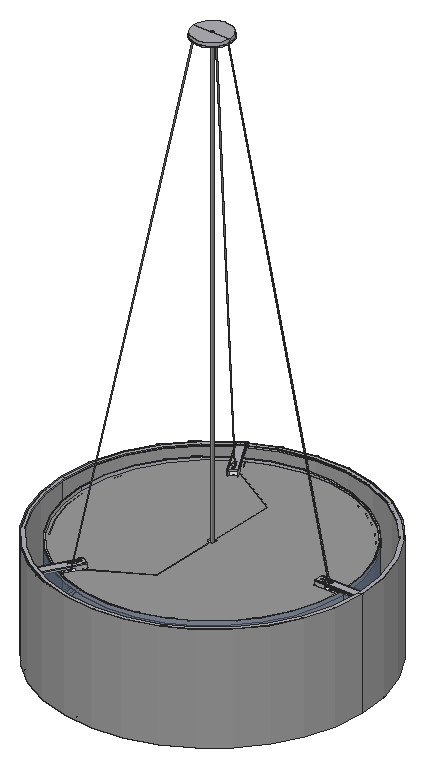
Revit family "Lighting - Lumetta - Pendant - P2048", category Lighting Fixtures, host Ceiling, Revit 2015
Parameters
  Wattage = 11.7117 W
  built-in parameter 1150110 = 1 (stored number, unit not read)
  URL = "https://lumetta.com/luminaires/shadow-drum-48-pendant/"
  Type Comments = ""
  built-in parameter 1114217 = 1 (stored number, unit not read)
  Top-Bottom Lens Radius [instance] = Fixture Inner Radius - 0' 0 5/32"  # 1' - 8 27/32"
  Top Lens-Material [instance] = Acrylic - 2447 - White
  Top Lens (Inner Core) [instance] = yes
  built-in parameter 1150109 = 1 (stored number, unit not read)
  built-in parameter 1150134 = (empty or 0)
  Suspension [instance] = 2
  built-in parameter 1150113 = 1 (stored number, unit not read)
  Stem Hung-ALL Lamping [instance] = Suspension = 3  # no
  P2048 URL [instance] = "https://lumetta.com/luminaires/shadow-drum-48-pendant/"
  Light Source Symbol Size = 0' - 1"
  Fixture-Outer Height [instance] = 1' - 5"
  Fixture Outer Radius [instance] = 2' - 0"
  Fixture Outer Drop [instance] = 6' - 0"
  Fixture Outer Diameter [instance] = 2 * Fixture Outer Radius  # 4' - 0"
  Fixture Inner Radius [instance] = 1' - 9"
  Fixture Inner Diameter [instance] = 2 * Fixture Inner Radius  # 3' - 6"
  Diffuser Outer Material [instance] = Glass, Matte
  1CRD-3CBL- LED-4 Wire [instance] = Suspension = 2  # yes
  Coupling-Stems Over 60 inches [instance] = and([Stem Hung-ALL Lamping], Fixture Outer Drop > 5' 0")  # no
  Model = "P2048"  # constant formula
  Manufacturer = "Lumetta, Inc."  # constant formula
  Lumens = 1300 lm
  built-in parameter 1150115 = 1 (stored number, unit not read)
  built-in parameter 1150105 = 103.45 (stored number, unit not read)
  built-in parameter 1150137 = (empty or 0)
  built-in parameter 1150139 = (empty or 0)
  built-in parameter 1150112 = 1 (stored number, unit not read)
  built-in parameter 1150114 = 1 (stored number, unit not read)
  built-in parameter 1150132 = 1
  built-in parameter 1150102 = (empty or 0)
  built-in parameter 1150138 = (empty or 0)
  built-in parameter 1150107 = 3000 (stored number, unit not read)
  built-in parameter 1150106 = 1.0345 (stored number, unit not read)
  Frame Finish [instance] = Paint - Lumetta - F02 - PC_Chrome
  Fixture Inner Height [instance] = 1' - 2"
  Fixture Inner-Outer Difference [instance] = 0' - 0 1/2"
  built-in parameter 1150104 = 10.312 (stored number, unit not read)
  Dimming Lamp Color Temperature Shift = (empty or 0)
  Diffuser Inner Material [instance] = Shade - Lumetta - D65 - MT_Blue
  Description = "Shadow Drum 48'' Pendant"  # constant formula
  Cord [instance] = or(Suspension = 1, Suspension = 2)  # yes
  Bottom Lens-Material [instance] = Acrylic - P95 - Etched White
  Bottom Lens (Inner Core) [instance] = yes
  3 Cables [instance] = or(Suspension = 1, Suspension = 2)  # yes
  1CRD-3CBL-STD and 2 or 3 Wire [instance] = Suspension = 1  # no
  Cord Color [instance] = Cord, Black
  Color Filter = 16777215
  built-in parameter 1114218 = 1 (stored number, unit not read)
  built-in parameter 1150133 = 10 (stored number, unit not read)
Reference planes (in)
  plane 1 "Light Source Axis (F/B)": y = 0
  plane 2 "Ceiling": z = 96
  plane 3 "Light Source Axis (L/R)": x = 0
  plane 4 "Light Source Elevation": z = 21
  plane 5 "Fixture- Inner Top": z = 23.5
  plane 6 "Fixture-Inner Radius": x = 21
  plane 7 "Fixture-Inner Height": z = 9.5
  plane 8: through (0, 0, 0) normal (-0.5, -0.866, 0)
  plane 9: y = 0
  plane 10: through (0, 0, 0) normal (0.5, -0.866, 0)
  plane 11 "Plane-120": through (-10.5, 18.18653, 0) normal (0.5, -0.866, 0)
  plane 12 "Plane-240": through (-72.85383, 17.81347, 0) normal (0.5, 0.866, 0)
  plane 13: through (0, 0, 0) normal (-0.866, -0.5, 0)
  plane 14: through (0, 0, 0) normal (0.866, -0.5, 0)
  plane 15 "Fixture-Outer Radius": x = 24
  plane 16 "Fixture- Outer Top": z = 24
  plane 17 "Fixture-Outer Height": z = 7
  plane 18: x = 1.9375
Forms (in)
  Revolve 1, solid, material "Paint - Lumetta - F02 - PC_Chrome" <- "Frame Finish", visible <- "3 Cables"
    sketch origin (0, 0, 0) x (1, 0, 0) y (0, 0, 1)
      loop
        line (0, 95.4375) -> (3, 95.4375) -> (3, 95.5) -> (2.87509, 95.5) -> (2.87509, 96) -> (0, 96) -> (0, 95.4375)
      axis (0, 96) -> (0, 95.4375)
    angle from 0 to 360
  Extrusion 2, void
    sketch origin (0, 0, 95.4375) x (0, -1, 0) y (1, 0, 0)
      loop
        circle (0, 0) r 0.25
      loop
        circle (0, 2.5) r 0.06274
      loop
        circle (-2.16506, -1.25) r 0.06274
      loop
        circle (2.16506, -1.25) r 0.06274
    from 0 to 0.06358
  Revolve 3, solid, material "Paint - Lumetta - F02 - PC_Chrome" <- "Frame Finish"
    sketch origin (0, 0, 0) x (1, 0, 0) y (0, 0, 1)
      loop
        line (21, 23.5) -> (20.875, 23.5) -> (20.875, 23.01664) -> (20.375, 23.01664) -> (20.375, 22.875) -> (21, 22.875) -> (21, 23.5)
      loop
        line (21, 10.125) -> (20.875, 10.125) -> (20.875, 9.625) -> (20.375, 9.625) -> (20.375, 9.5) -> (21, 9.5) -> (21, 10.125)
      axis (0, 23.5) -> (0, 9.5)
    angle from 0 to 360
  Revolve 4, solid, material "Shade - Lumetta - D65 - MT_Blue" <- "Diffuser Inner Material"
    sketch origin (0, 0, 0) x (1, 0, 0) y (0, 0, 1)
      loop
        line (21, 23.5) -> (21, 9.49709) -> (21.06242, 9.49709) -> (21.06242, 23.5) -> (21, 23.5)
      axis (0, 23.5) -> (0, 9.49709)
    angle from 0 to 360
  Extrusion 5, solid, material "Paint - Lumetta - F02 - PC_Chrome" <- "Frame Finish", visible <- "Stem Hung-ALL Lamping"
    sketch origin (0, 0, 23.5) x (0, -1, 0) y (-1, 0, 0)
      loop
        circle (0, 0) r 0.25
    from 0.625 to -72.5
  Revolve 6, solid, material "Paint - Lumetta - F02 - PC_Chrome" <- "Frame Finish", visible <- "Coupling-Stems Over 60 inches"
    sketch origin (0, 0, 0) x (1, 0, 0) y (0, 0, 1)
      loop
        line (0, 84.03023) -> (0, 83.5) -> (0.26233, 83.5)
        arc (0.26233, 83.5) -> (0.31307, 83.55074) -> (0.26233, 83.60149) r 0.05074
        arc (0.26233, 83.60149) -> (0.29304, 83.76499) -> (0.26243, 83.92851) r 0.45126
        arc (0.26243, 83.92851) -> (0.31329, 83.97937) -> (0.26243, 84.03023) r 0.05086
        line (0.26243, 84.03023) -> (0, 84.03023)
      axis (0, 84.03023) -> (0, 83.5)
    angle from 0 to 360
  Revolve 7, solid, material "Paint - Lumetta - F02 - PC_Chrome" <- "Frame Finish", visible <- "Stem Hung-ALL Lamping"
    sketch origin (0, 0, 0) x (1, 0, 0) y (0, 0, 1)
      loop
        line (0, 96) -> (0, 93.40625) -> (0.34988, 93.40625)
        arc (0.34988, 93.40625) -> (0.49124, 93.54417) -> (0.58115, 93.72) r 0.61026
        line (0.58115, 93.72) -> (3, 93.72) -> (3, 93.78) -> (2.875, 93.78) -> (2.875, 96) -> (0, 96)
      axis (0, 96) -> (0, 93.40625)
    angle from 0 to 360
  Extrusion 8, solid, material "Cord, Black" <- "Cord Color", visible <- "Cord"
    sketch origin (0, 0, 23.5) x (0, -1, 0) y (1, 0, 0)
      loop
        circle (0, 0) r 0.15674
    from -0.56254 to 72.5
  Extrusion 9, solid, material "Paint - Lumetta - F02 - PC_Chrome" <- "Frame Finish"
    sketch origin (0, 0, 23.5) x (0, -1, 0) y (1, 0, 0)
      loop
        line (-1, 20.85103) -> (-1, 19.25) -> (1, 19.25) -> (1, 20.85103)
        arc (1, 20.85103) -> (0, 20.875) -> (-1, 20.85103) r 20.875
      loop
        circle (0, 19.75) r 0.11051
      loop
        line (-17.55753, -11.29154) -> (-16.17099, -10.49103) -> (-17.17099, -8.75897) -> (-18.55753, -9.55949)
        arc (-18.55753, -9.55949) -> (-18.07828, -10.4375) -> (-17.55753, -11.29154) r 20.875
      loop
        circle (-17.104, -9.875) r 0.11051
      loop
        line (18.55753, -9.55949) -> (17.17099, -8.75897) -> (16.17099, -10.49103) -> (17.55753, -11.29154)
        arc (17.55753, -11.29154) -> (18.07828, -10.4375) -> (18.55753, -9.55949) r 20.875
      loop
        circle (17.104, -9.875) r 0.11051
    from -0.625 to -0.68551
  Extrusion 10, solid, material "Paint - Lumetta - F11 - PC_White"
    sketch origin (0, 0, 23.5) x (0, -1, 0) y (1, 0, 0)
      loop
        circle (0, 19.75) r 0.11051
      loop
        line (-0.89333, 20.23292) -> (-0.89333, 18.82771) -> (-16.75194, -8.64021) -> (-17.96889, -9.34281) -> (-17.07556, -10.89011) -> (-15.85861, -10.1875) -> (15.85861, -10.1875) -> (17.07556, -10.89011) -> (17.96889, -9.34281) -> (16.75194, -8.64021) -> (0.89333, 18.82771) -> (0.89333, 20.23292) -> (-0.89333, 20.23292)
      loop
        circle (0, 18.875) r 0.15796
      loop
        line (14.23361, -8.8125) -> (14.74866, -7.92042) -> (0.51504, 16.73292) -> (-0.51504, 16.73292) -> (-14.74866, -7.92042) -> (-14.23361, -8.8125) -> (14.23361, -8.8125)
      loop
        circle (0, 17.5) r 0.11051
      loop
        circle (-17.104, -9.875) r 0.11051
      loop
        circle (-16.34623, -9.4375) r 0.15796
      loop
        circle (-15.15544, -8.75) r 0.11051
      loop
        circle (17.104, -9.875) r 0.11051
      loop
        circle (16.34623, -9.4375) r 0.15796
      loop
        circle (15.15544, -8.75) r 0.11051
    from -0.77028 to -0.68551
  Sweep 11, solid, material "Steel, Galvanized", visible <- "3 Cables"
    path origin (0, 0, 0) x (1, 0, 0) y (0, 0, 1)
      loop
        line (2.5, 95.50108) -> (18.875, 22.81449)
    profile origin (10.6875, 0, 59.15779) x (0.975551, 0, 0.219774) y (0, -1, 0)
      loop
        circle (0, 0) r 0.03083
  Extrusion 12, solid, material "Acrylic - P95 - Etched White" <- "Bottom Lens-Material", visible <- "Bottom Lens (Inner Core)"
    sketch origin (0, 0, 9.5) x (0, -1, 0) y (1, 0, 0)
      loop
        circle (0, 0) r 20.84375
    from 0.125 to 0.1875
  Extrusion 13, solid, material "Paint - Lumetta - F11 - PC_White"
    sketch origin (0, 0, 23.5) x (0, -1, 0) y (1, 0, 0)
      loop
        line (-10.89749, -1.25) -> (10.89749, -1.25) -> (9.45411, 1.25) -> (-9.45411, 1.25) -> (-10.89749, -1.25)
      loop
        circle (0, 0) r 0.28281
    from -0.625 to -0.68551
  Revolve 14, solid, material "Paint - Lumetta - F02 - PC_Chrome" <- "Frame Finish"
    sketch origin (0, 0, 0) x (1, 0, 0) y (0, 0, 1)
      loop
        line (24, 24) -> (23.375, 24) -> (23.375, 23.875) -> (23.875, 23.875) -> (23.875, 23.375) -> (24, 23.375) -> (24, 24)
      loop
        line (24, 7) -> (24, 7.625) -> (23.875, 7.625) -> (23.875, 7.125) -> (23.375, 7.125) -> (23.375, 7) -> (24, 7)
      axis (0, 24) -> (0, 7)
    angle from 0 to 360
  Revolve 15, solid, material "Glass, Matte" <- "Diffuser Outer Material"
    sketch origin (0, 0, 0) x (1, 0, 0) y (0, 0, 1)
      loop
        line (24, 24) -> (24, 7) -> (24.03313, 7) -> (24.03313, 24) -> (24, 24)
      axis (0, 7) -> (0, 24)
    angle from 0 to 360
  Extrusion 16, solid, material "Paint - Lumetta - F02 - PC_Chrome" <- "Frame Finish"
    sketch origin (0, 0, 24) x (-1, 0, 0) y (0, -1, 0)
      loop
        line (-17, -0.6875) -> (-17, 0.6875) -> (-23.875, 0.6875) -> (-23.875, -0.6875) -> (-17, -0.6875)
      loop
        circle (-17.5, 0) r 0.125
      loop
        arc (-19.05013, 0.21293) -> (-19.21875, 0.0014) -> (-19.05284, -0.21227) r 0.21875
        line (-19.05284, -0.21227) -> (-18.33953, -0.38023)
        arc (-18.33953, -0.38023) -> (-17.85938, 0.00032) -> (-18.34015, 0.38008) r 0.39063
        line (-18.34015, 0.38008) -> (-19.05013, 0.21293)
      loop
        line (9.09539, -14.37868) -> (7.90461, -15.06618) -> (11.34211, -21.02011) -> (12.53289, -20.33261) -> (9.09539, -14.37868)
      loop
        circle (8.75, -15.15544) r 0.125
      loop
        arc (9.34066, -16.60436) -> (9.60816, -16.64462) -> (9.71025, -16.39411) r 0.21875
        line (9.71025, -16.39411) -> (9.49905, -15.69238)
        arc (9.49905, -15.69238) -> (8.92941, -15.46683) -> (8.84092, -16.07308) r 0.39063
        line (8.84092, -16.07308) -> (9.34066, -16.60436)
      loop
        line (7.90461, 15.06618) -> (9.09539, 14.37868) -> (12.53289, 20.33261) -> (11.34211, 21.02011) -> (7.90461, 15.06618)
      loop
        circle (8.75, 15.15544) r 0.125
      loop
        arc (9.70947, 16.39143) -> (9.61058, 16.64322) -> (9.34259, 16.60638) r 0.21875
        line (9.34259, 16.60638) -> (8.84048, 16.07261)
        arc (8.84048, 16.07261) -> (8.92997, 15.46651) -> (9.49923, 15.693) r 0.39063
        line (9.49923, 15.693) -> (9.70947, 16.39143)
    from -0.19992 to -0.125
  Sweep 17, solid, material "Steel, Galvanized", visible <- "3 Cables"
    path origin (0, 0, 0) x (-0.5, 0.866025, 0) y (0, 0, 1)
      loop
        line (2.5, 95.50108) -> (18.875, 22.81449)
    profile origin (-5.34375, 9.25565, 59.15779) x (-0.487775, 0.844852, 0.219774) y (0.866025, 0.5, 0)
      loop
        circle (0, 0) r 0.03083
  Sweep 18, solid, material "Steel, Galvanized", visible <- "3 Cables"
    path origin (0, 0, 0) x (-0.5, -0.866025, 0) y (0, 0, 1)
      loop
        line (2.5, 95.50108) -> (18.875, 22.81449)
    profile origin (-5.34375, -9.25565, 59.15779) x (-0.487775, -0.844852, 0.219774) y (-0.866025, 0.5, 0)
      loop
        circle (0, 0) r 0.03083
  Revolve 19, solid, material "Paint - Lumetta - F02 - PC_Chrome" <- "Frame Finish", visible <- "Stem Hung-ALL Lamping"
    sketch origin (0, 0, 0) x (1, 0, 0) y (0, 0, 1)
      loop
        arc (1.9375, 93.33818) -> (2.13408, 93.49233) -> (2.03125, 93.72) r 0.20242
        line (2.03125, 93.72) -> (1.9375, 93.72) -> (1.9375, 93.33818)
      axis (1.9375, 93.72) -> (1.9375, 93.33818)
    angle from 0 to 360
  Revolve 20, solid, material "Paint - Lumetta - F02 - PC_Chrome" <- "Frame Finish", visible <- "Stem Hung-ALL Lamping"
    sketch origin (0, 0, 0) x (-1, 0, 0) y (0, 0, 1)
      loop
        arc (1.9375, 93.33818) -> (2.13408, 93.49233) -> (2.03125, 93.72) r 0.20242
        line (2.03125, 93.72) -> (1.9375, 93.72) -> (1.9375, 93.33818)
      axis (1.9375, 93.72) -> (1.9375, 93.33818)
    angle from 0 to 360
  Revolve 21, solid, material "Paint - Lumetta - F02 - PC_Chrome" <- "Frame Finish", visible <- "1CRD-3CBL- LED-4 Wire"
    sketch origin (0, 0, 1.7175) x (1, 0, 0) y (0, 0, 1)
      loop
        arc (1.9375, 93.33818) -> (2.13408, 93.49233) -> (2.03125, 93.72) r 0.20242
        line (2.03125, 93.72) -> (1.9375, 93.72) -> (1.9375, 93.33818)
      axis (1.9375, 93.72) -> (1.9375, 93.33818)
    angle from 0 to 360
  Revolve 22, solid, material "Paint - Lumetta - F02 - PC_Chrome" <- "Frame Finish", visible <- "1CRD-3CBL- LED-4 Wire"
    sketch origin (0, 0, 1.7175) x (-1, 0, 0) y (0, 0, 1)
      loop
        arc (1.9375, 93.33818) -> (2.13408, 93.49233) -> (2.03125, 93.72) r 0.20242
        line (2.03125, 93.72) -> (1.9375, 93.72) -> (1.9375, 93.33818)
      axis (1.9375, 93.72) -> (1.9375, 93.33818)
    angle from 0 to 360
  Revolve 23, solid, material "Paint - Lumetta - F02 - PC_Chrome" <- "Frame Finish", visible <- "1CRD-3CBL- LED-4 Wire"
    sketch origin (0, 0, 0) x (1, 0, 0) y (0, 0, 1)
      loop
        line (0, 95.4375) -> (0, 95.31123) -> (0.375, 95.31123) -> (0.375, 95.4375) -> (0, 95.4375)
      axis (0, 95.4375) -> (0, 95.31123)
    angle from 0 to 360
  Revolve 24, solid, material "Paint - Lumetta - F02 - PC_Chrome" <- "Frame Finish", visible <- "1CRD-3CBL-STD and 2 or 3 Wire"
    sketch origin (0, 0, 0) x (1, 0, 0) y (0, 0, 1)
      loop
        line (0, 95.4375) -> (0, 94.9375) -> (0.28309, 94.9375) -> (0.375, 95.4375) -> (0, 95.4375)
      axis (0, 95.4375) -> (0, 94.9375)
    angle from 0 to 360
  Extrusion 25, solid, material "Acrylic - 2447 - White" <- "Top Lens-Material", visible <- "Top Lens (Inner Core)"
    sketch origin (0, 0, 23.5) x (0, -1, 0) y (1, 0, 0)
      loop
        line (-18.41453, -9.76561) -> (-15.81274, -8.26346) -> (-11.00574, 0.0625) -> (-0.55932, 0.0625)
        arc (-0.55932, 0.0625) -> (0, 0.56281) -> (0.55932, 0.0625) r 0.56281
        line (0.55932, 0.0625) -> (11.00574, 0.0625) -> (15.81274, -8.26346) -> (18.41453, -9.76561)
        arc (18.41453, -9.76561) -> (18.05122, 10.42187) -> (0.75, 20.83025) r 20.84375
        line (0.75, 20.83025) -> (0.75, 16.90625) -> (-0.75, 16.90625) -> (-0.75, 20.83025)
        arc (-0.75, 20.83025) -> (-18.05122, 10.42188) -> (-18.41453, -9.76561) r 20.84375
      loop
        line (-15.01624, -7.80361) -> (-14.26624, -9.10264) -> (-17.66453, -11.06465)
        arc (-17.66453, -11.06465) -> (0, -20.84375) -> (17.66453, -11.06465) r 20.84375
        line (17.66453, -11.06465) -> (14.26624, -9.10264) -> (15.01624, -7.80361) -> (15.59623, -8.13846) -> (10.93357, -0.0625) -> (0.55932, -0.0625)
        arc (0.55932, -0.0625) -> (0, -0.56281) -> (-0.55932, -0.0625) r 0.56281
        line (-0.55932, -0.0625) -> (-10.93357, -0.0625) -> (-15.59623, -8.13846) -> (-15.01624, -7.80361)
    from -0.48336 to -0.3533
  Extrusion 26, solid, material "Paint - Lumetta - F02 - PC_Chrome" <- "Frame Finish"
    sketch origin (0, 0, 23.5) x (0, -1, 0) y (1, 0, 0)
      loop
        line (-0.6875, 17) -> (-0.625, 17) -> (-0.625, 23.86737) -> (-0.6875, 23.86737) -> (-0.6875, 17)
      loop
        line (0.6875, 17) -> (0.6875, 23.86737) -> (0.625, 23.86737) -> (0.625, 17) -> (0.6875, 17)
      loop
        line (-14.37868, -9.09539) -> (-14.40993, -9.04127) -> (-20.35725, -12.47495) -> (-20.326, -12.52908) -> (-14.37868, -9.09539)
      loop
        line (-15.06618, -7.90461) -> (-21.0135, -11.33829) -> (-20.98225, -11.39242) -> (-15.03493, -7.95873) -> (-15.06618, -7.90461)
      loop
        line (15.06618, -7.90461) -> (15.03493, -7.95873) -> (20.98225, -11.39242) -> (21.0135, -11.33829) -> (15.06618, -7.90461)
      loop
        line (14.37868, -9.09539) -> (20.326, -12.52908) -> (20.35725, -12.47495) -> (14.40993, -9.04127) -> (14.37868, -9.09539)
    from 0 to 0.375
  Extrusion 27, solid, material "Paint - Lumetta - F02 - PC_Chrome" <- "Frame Finish"
    sketch origin (0, 0, 23.5) x (0, -1, 0) y (1, 0, 0)
      loop
        line (-0.6875, 17) -> (-0.625, 17) -> (-0.625, 18.5) -> (-0.6875, 18.5) -> (-0.6875, 17)
      loop
        line (0.6875, 17) -> (0.6875, 18.5) -> (0.625, 18.5) -> (0.625, 17) -> (0.6875, 17)
      loop
        line (-14.37868, -9.09539) -> (-14.40993, -9.04127) -> (-15.70897, -9.79127) -> (-15.67772, -9.84539) -> (-14.37868, -9.09539)
      loop
        line (-15.06618, -7.90461) -> (-16.36522, -8.65461) -> (-16.33397, -8.70873) -> (-15.03493, -7.95873) -> (-15.06618, -7.90461)
      loop
        line (15.06618, -7.90461) -> (15.03493, -7.95873) -> (16.33397, -8.70873) -> (16.36522, -8.65461) -> (15.06618, -7.90461)
      loop
        line (14.37868, -9.09539) -> (15.67772, -9.84539) -> (15.70897, -9.79127) -> (14.40993, -9.04127) -> (14.37868, -9.09539)
    from -0.625 to 0
Cuts and joins
  joined: Extrusion 26, Extrusion 27
Dimensions and locks (in)
  equal spacing: host sketch curve, plane 3 "Light Source Axis (L/R)", host sketch curve
  equal spacing: host sketch curve, plane 1 "Light Source Axis (F/B)", host sketch curve
  host sketch curve to host sketch curve = 10' - 0"  (x2)
  locked: plane 5 "Fixture- Inner Top" to plane 4 "Light Source Elevation" at 2.5
  "Fixture Inner Radius": plane 6 "Fixture-Inner Radius" to plane 3 "Light Source Axis (L/R)"
  "Fixture Inner Height": plane 5 "Fixture- Inner Top" to plane 7 "Fixture-Inner Height"
  locked: Revolve 1 sketch curve to plane 3 "Light Source Axis (L/R)" at 2.87509
  locked: Revolve 1 sketch curve to plane 3 "Light Source Axis (L/R)" at 3
  locked: Extrusion 2 sketch curve to Extrusion 2 sketch curve at 2.5
  plane 6 "Fixture-Inner Radius" to Revolve 3 sketch curve = 0' - 0 1/8"  (x2)
  locked: Revolve 4 sketch curve to plane 6 "Fixture-Inner Radius" at 0.06242
  Revolve 3 to Revolve 4 = 0' - 0.12791"
  locked: Extrusion 5 sketch curve to imposter light
  locked: Extrusion 5 sketch curve to imposter light at 0
  Revolve 6 sketch curve to Revolve 6 sketch curve = 0' - 0.15822"
  locked: Revolve 6 sketch curve to Revolve 4 at 60
  locked: Revolve 6 sketch curve to Revolve 6 sketch curve at 0.53023
  locked: Revolve 6 sketch curve to Revolve 6 sketch curve at 0.26243
  locked: Revolve 6 sketch curve to Revolve 6 sketch curve at 0.26233
  locked: Revolve 6 sketch curve to Revolve 6 sketch curve at 0.05074
  locked: Revolve 6 sketch curve to Revolve 6 sketch curve at 0.47937
  locked: Revolve 6 sketch curve to Revolve 6 sketch curve at 0.26512
  locked: Revolve 7 sketch curve to Revolve 7 sketch curve at 2.875
  locked: Revolve 7 sketch curve to Revolve 7 sketch curve at 0.31375
  plane 5 "Fixture- Inner Top" to Revolve 3 sketch curve = 0' - 0 5/8"
  Revolve 3 sketch curve to Revolve 3 sketch curve = 0' - 0.14164"
  Revolve 3 sketch curve to plane 7 "Fixture-Inner Height" = 0' - 0 5/8"
  plane 6 "Fixture-Inner Radius" to Revolve 3 sketch curve = 0' - 0 5/8"
  locked: Revolve 1 sketch curve to Revolve 1 sketch curve at 0.0625
  locked: host ceiling to Revolve 1 sketch curve at 0.5625
  locked: Revolve 1 sketch curve to Revolve 1 sketch curve at 0.5625
  locked: Revolve 1 sketch curve to Revolve 1 sketch curve at 3
  Revolve 1 sketch curve to Revolve 1 sketch curve = 0' - 2.87509"
  Extrusion 9 sketch curve to plane 6 "Fixture-Inner Radius" = 0' - 1 3/4"
  Extrusion 10 sketch curve to plane 6 "Fixture-Inner Radius" = 0' - 1 1/4"
  "Fixture Inner Radius": plane 10 to plane 11 "Plane-120"
  "Fixture Inner Radius": plane 12 "Plane-240" to plane 8
  locked: plane 10 to Extrusion 2 sketch curve at 2.5
  locked: Extrusion 2 sketch curve to plane 8 at 2.5
  Extrusion 10 sketch curve to Extrusion 10 sketch curve = 0' - 1 3/8"
  locked: Extrusion 10 sketch curve to Extrusion 10 sketch curve at 1.375  (x6)
  locked: Extrusion 12 to plane 7 "Fixture-Inner Height" at 0.1875
  plane 3 "Light Source Axis (L/R)" to Extrusion 13 sketch curve = 0' - 1 1/4"
  Extrusion 13 sketch curve to plane 3 "Light Source Axis (L/R)" = 0' - 1 1/4"
  locked: Extrusion 13 sketch curve to Extrusion 10 at 1.375
  "Fixture Outer Radius": plane 15 "Fixture-Outer Radius" to plane 3 "Light Source Axis (L/R)"
  "Fixture Outer Drop": plane 2 "Ceiling" to plane 16 "Fixture- Outer Top"
  "Fixture Inner-Outer Difference": plane 16 "Fixture- Outer Top" to plane 5 "Fixture- Inner Top"
  "Fixture-Outer Height": plane 16 "Fixture- Outer Top" to plane 17 "Fixture-Outer Height"
  locked: Revolve 14 sketch curve to plane 17 "Fixture-Outer Height" at 0
  locked: Revolve 14 sketch curve to plane 15 "Fixture-Outer Radius" at 0  (x2)
  locked: Revolve 14 sketch curve to Revolve 14 sketch curve at 0.125  (x4)
  locked: plane 15 "Fixture-Outer Radius" to Revolve 14 sketch curve at 0.625
  locked: Revolve 15 sketch curve to plane 15 "Fixture-Outer Radius" at 0
  locked: plane 15 "Fixture-Outer Radius" to Revolve 15 sketch curve at 0.03313
  locked: Revolve 15 sketch curve to plane 16 "Fixture- Outer Top" at 0
  locked: Revolve 15 sketch curve to plane 17 "Fixture-Outer Height" at 0
  locked: Revolve 14 sketch curve to Revolve 15 at 0.625
  locked: Revolve 3 to Extrusion 10 at 0.06051
  locked: Revolve 15 to plane 16 "Fixture- Outer Top" at 0
  locked: Revolve 14 sketch curve to Revolve 14 sketch curve at 0.625  (x2)
  locked: Extrusion 10 to Extrusion 10 at 0.08477
  locked: Extrusion 16 sketch curve to Extrusion 16 sketch curve at 1.375  (x3)
  equal spacing: Extrusion 16 sketch curve, plane 9, Extrusion 16 sketch curve, locked at 0.6875 each
  Extrusion 16 sketch curve to plane 15 "Fixture-Outer Radius" = 0' - 0 1/8"
  Extrusion 16 sketch curve to Extrusion 16 sketch curve = 0' - 6 7/8"
  Extrusion 16 sketch curve to plane 9 = 0' - 0"
  Extrusion 16 sketch curve to Extrusion 16 sketch curve = 0' - 0 1/2"
  locked: Extrusion 10 sketch curve to plane 6 "Fixture-Inner Radius" at 1.25
  locked: Extrusion 10 sketch curve to Extrusion 10 sketch curve at 0.875  (x3)
  equal spacing: Extrusion 10 sketch curve, plane 9, Extrusion 10 sketch curve
  locked: plane 8 to Extrusion 10 sketch curve at 10.1875
  locked: Extrusion 10 sketch curve to plane 3 "Light Source Axis (L/R)" at 10.1875
  locked: plane 10 to Extrusion 10 sketch curve at 10.1875
  Extrusion 10 sketch curve to Extrusion 10 sketch curve = 0' - 1.78666"  (x2)
  locked: Extrusion 10 to Extrusion 13 sketch curve at 1.375
  Sweep 11 sketch curve to plane 3 "Light Source Axis (L/R)" = 0' - 2 1/2"
  Sweep 11 sketch curve to plane 3 "Light Source Axis (L/R)" = 1' - 6 7/8"
  locked: Sweep 11 sketch curve to Extrusion 10
  locked: Extrusion 16 sketch curve to Extrusion 16 sketch curve at 0.75  (x3)
  equal spacing: Extrusion 9 sketch curve, plane 9, Extrusion 9 sketch curve
  locked: Extrusion 9 sketch curve to plane 6 "Fixture-Inner Radius" at 1.75
  locked: Extrusion 9 sketch curve to Extrusion 9 sketch curve at 0.5  (x3)
  locked: plane 3 "Light Source Axis (L/R)" to Extrusion 9 sketch curve
  Extrusion 9 sketch curve to Extrusion 9 sketch curve = 0' - 2"
  Extrusion 16 sketch curve to Extrusion 16 sketch curve = 0' - 1 3/8"
  locked: plane 16 "Fixture- Outer Top" to Extrusion 16 at 0.19992
  Revolve 7 to Revolve 19 sketch curve = 0' - 0"
  locked: Revolve 1 to Revolve 24 sketch curve at 0.5
  locked: Revolve 24 sketch curve to Revolve 24 sketch curve at 0.27843
  locked: Revolve 24 sketch curve to plane 3 "Light Source Axis (L/R)" at 0.375
  locked: Extrusion 25 to Revolve 3 at 0.13007
  Extrusion 25 sketch curve to Extrusion 25 sketch curve = 0' - 1 1/2"  (x2)
  Extrusion 25 sketch curve to plane 9 = 0' - 0 3/4"
  equal spacing: Extrusion 25 sketch curve, plane 9, Extrusion 25 sketch curve
  locked: plane 11 "Plane-120" to Extrusion 25 sketch curve at 4.09375
  locked: plane 12 "Plane-240" to Extrusion 25 sketch curve at 4.09375
  locked: Extrusion 25 sketch curve to plane 6 "Fixture-Inner Radius" at 4.09375
  locked: Extrusion 10 sketch curve to Extrusion 10 sketch curve at 3.5  (x3)
  locked: Extrusion 10 sketch curve to plane 12 "Plane-240" at 0.76708
  locked: Extrusion 10 sketch curve to plane 11 "Plane-120" at 0.76708
  locked: Extrusion 26 to plane 5 "Fixture- Inner Top" at 0.375
  locked: Extrusion 16 to Extrusion 26 sketch curve  (x3)
  locked: Extrusion 16 to Extrusion 26 sketch curve at 0.00763  (x4)
  locked: Extrusion 26 sketch curve to Extrusion 16 at 0.00763  (x2)
  locked: Extrusion 16 to Extrusion 26 sketch curve at 0  (x3)
  locked: Extrusion 16 to Extrusion 26
  locked: Extrusion 26 to plane 6 "Fixture-Inner Radius" at 4  (x2)
  Extrusion 26 to Extrusion 27 sketch curve = 0' - 1 1/2"
  locked: Extrusion 26 to Extrusion 27 sketch curve at 1.5
  Extrusion 25 sketch curve to Extrusion 10 = 0' - 0 5/8"  (x2)
  Extrusion 10 to Extrusion 25 sketch curve = 0' - 0 5/8"  (x2)
  locked: Extrusion 25 sketch curve to Extrusion 13 at 1.1875
  locked: Extrusion 13 to Extrusion 25 sketch curve at 1.1875
  "Top-Bottom Lens Radius": radius of Extrusion 12 sketch curve
  "Top-Bottom Lens Radius": radius of Extrusion 25 sketch curve
  aligned and locked: plane 3 "Light Source Axis (L/R)" to imposter light
  aligned and locked: plane 1 "Light Source Axis (F/B)" to imposter light
  aligned and locked: plane 4 "Light Source Elevation" to imposter light
  aligned and locked: Revolve 4 sketch curve to plane 3 "Light Source Axis (L/R)"
  aligned and locked: Revolve 6 sketch curve to Revolve 6 sketch curve  (x2)
  aligned and locked: host ceiling to Extrusion 5
  aligned and locked: Extrusion 10 to Extrusion 9
  aligned and locked: host ceiling to Extrusion 8
  aligned and locked: Extrusion 5 to Extrusion 13
  aligned and locked: Revolve 14 sketch curve to plane 3 "Light Source Axis (L/R)"
  aligned and locked: Revolve 15 sketch curve to plane 3 "Light Source Axis (L/R)"
  aligned and locked: Extrusion 16 to Revolve 14
  aligned and locked: Revolve 19 sketch curve to plane 18
  aligned and locked: Extrusion 25 to Revolve 3
  aligned and locked: Extrusion 13 to Extrusion 10
  aligned and locked: Revolve 3 to Extrusion 13
  aligned and locked: plane 5 "Fixture- Inner Top" to Extrusion 26
  aligned and locked: Extrusion 27 to Revolve 3
  aligned and locked: Extrusion 27 to plane 5 "Fixture- Inner Top"
Automatic sketch dimensions
  Revolve 1 sketch curve to plane 3 "Light Source Axis (L/R)" = 0' - 0"
  Revolve 1 sketch curve to Revolve 1 sketch curve = 0' - 0"
  Revolve 1 sketch curve to Revolve 1 sketch curve = 0' - 9 3/4"
  Extrusion 2 sketch curve to Revolve 1 = 0' - 0"
  Revolve 1 to Extrusion 2 sketch curve = 0' - 2.16506"
  Extrusion 2 sketch curve to Revolve 1 = 0' - 2.16506"
  plane 3 "Light Source Axis (L/R)" to Revolve 3 sketch curve = 0' - 0"
  Revolve 3 sketch curve to plane 7 "Fixture-Inner Height" = 0' - 0"
  Revolve 3 sketch curve to plane 6 "Fixture-Inner Radius" = 0' - 0"  (x2)
  Revolve 3 sketch curve to plane 5 "Fixture- Inner Top" = 0' - 0"
  Revolve 3 sketch curve to plane 7 "Fixture-Inner Height" = 0' - 0 1/8"
  Revolve 3 sketch curve to Revolve 3 sketch curve = 0' - 0 1/2"
  Revolve 3 sketch curve to level = 0' - 10"
  Revolve 3 sketch curve to plane 2 "Ceiling" = 0' - 1"
  Revolve 4 sketch curve to plane 6 "Fixture-Inner Radius" = 0' - 0"
  Revolve 4 sketch curve to plane 5 "Fixture- Inner Top" = 0' - 0"
  plane 7 "Fixture-Inner Height" to Revolve 4 sketch curve = 0' - 0.00291"
  plane 7 "Fixture-Inner Height" to Revolve 4 sketch curve = 0' - 1 1/4"
  plane 16 "Fixture- Outer Top" to Revolve 4 sketch curve = 0' - 1 3/4"
  Revolve 6 sketch curve to plane 3 "Light Source Axis (L/R)" = 0' - 0"
  Revolve 6 sketch curve to Revolve 6 sketch curve = 0' - 11.34317"
  Revolve 7 sketch curve to plane 3 "Light Source Axis (L/R)" = 0' - 0"  (x3)
  Revolve 7 sketch curve to plane 2 "Ceiling" = 0' - 0"
  plane 3 "Light Source Axis (L/R)" to Revolve 7 sketch curve = 0' - 0.34988"
  Revolve 7 sketch curve to Revolve 7 sketch curve = 0' - 0.23126"
  Revolve 7 sketch curve to Revolve 7 sketch curve = 0' - 0 1/8"
  Revolve 7 sketch curve to plane 2 "Ceiling" = 0' - 2 3/32"
  Revolve 7 sketch curve to Revolve 7 sketch curve = 0' - 0.06"
  plane 2 "Ceiling" to Revolve 7 sketch curve = 0' - 1 3/4"
  Revolve 7 sketch curve to Revolve 7 sketch curve = 0' - 2 1/2"
  plane 1 "Light Source Axis (F/B)" to Extrusion 8 sketch curve = 0' - 0"
  Extrusion 8 sketch curve to plane 3 "Light Source Axis (L/R)" = 0' - 0"
  Extrusion 9 sketch curve to Extrusion 9 sketch curve = 0' - 0"  (x5)
  Extrusion 9 sketch curve to plane 13 = 0' - 0"
  plane 1 "Light Source Axis (F/B)" to Extrusion 9 sketch curve = 0' - 0"  (x2)
  Extrusion 9 sketch curve to plane 14 = 0' - 0"
  Extrusion 9 sketch curve to plane 6 "Fixture-Inner Radius" = 0' - 0.14897"
  Extrusion 9 sketch curve to plane 1 "Light Source Axis (F/B)" = 0' - 1"
  Extrusion 9 sketch curve to plane 1 "Light Source Axis (F/B)" = 1' - 4.17099"
  Extrusion 9 sketch curve to Extrusion 9 sketch curve = 0' - 0.93301"  (x2)
  Extrusion 9 sketch curve to plane 3 "Light Source Axis (L/R)" = 0' - 8.75897"  (x2)
  Extrusion 9 sketch curve to Extrusion 9 sketch curve = 0' - 0.06699"  (x2)
  Extrusion 9 sketch curve to plane 3 "Light Source Axis (L/R)" = 0' - 11.29154"  (x2)
  plane 1 "Light Source Axis (F/B)" to Extrusion 9 sketch curve = 1' - 4.17099"
  Extrusion 10 sketch curve to plane 13 = 0' - 0"  (x3)
  plane 1 "Light Source Axis (F/B)" to Extrusion 10 sketch curve = 0' - 0"  (x3)
  Extrusion 10 sketch curve to plane 14 = 0' - 0"  (x3)
  Extrusion 10 sketch curve to plane 1 "Light Source Axis (F/B)" = 0' - 0.51504"
  Extrusion 10 sketch curve to plane 1 "Light Source Axis (F/B)" = 0' - 0.89333"
  Extrusion 10 sketch curve to Extrusion 10 sketch curve = 0' - 0.40679"
  Extrusion 10 sketch curve to plane 3 "Light Source Axis (L/R)" = 0' - 8.64021"  (x2)
  Extrusion 10 sketch curve to Extrusion 10 sketch curve = 0' - 0.02844"  (x2)
  Extrusion 10 sketch curve to Extrusion 10 sketch curve = 0' - 0.48762"
  Sweep 11 sketch curve to plane 2 "Ceiling" = 0' - 0.49892"
  Sweep 11 sketch curve to plane 1 "Light Source Axis (F/B)" = 0' - 0"
  Sweep 11 sketch curve to profile plane = 0' - 0"
  plane 1 "Light Source Axis (F/B)" to Extrusion 12 sketch curve = 0' - 0"
  Extrusion 12 sketch curve to plane 3 "Light Source Axis (L/R)" = 0' - 0"
  plane 1 "Light Source Axis (F/B)" to Extrusion 13 sketch curve = 0' - 0"
  Extrusion 13 sketch curve to plane 3 "Light Source Axis (L/R)" = 0' - 0"
  Revolve 14 sketch curve to plane 16 "Fixture- Outer Top" = 0' - 0"
  level to Revolve 14 sketch curve = 0' - 2 1/4"
  Revolve 14 sketch curve to plane 7 "Fixture-Inner Height" = 0' - 5 1/2"
  Revolve 15 sketch curve to plane 17 "Fixture-Outer Height" = 0' - 1 1/2"
  Revolve 15 sketch curve to level = 1' - 0"
  plane 1 "Light Source Axis (F/B)" to Extrusion 16 sketch curve = 0' - 0"  (x2)
  Extrusion 16 sketch curve to plane 14 = 0' - 0"  (x3)
  Extrusion 16 sketch curve to plane 13 = 0' - 0"  (x3)
  Extrusion 16 sketch curve to plane 1 "Light Source Axis (F/B)" = 0' - 0.21227"
  Extrusion 16 sketch curve to Extrusion 16 sketch curve = 0' - 1.55284"
  plane 1 "Light Source Axis (F/B)" to Extrusion 16 sketch curve = 0' - 0.21293"
  Extrusion 16 sketch curve to Extrusion 16 sketch curve = 0' - 0.00271"
  plane 1 "Light Source Axis (F/B)" to Extrusion 16 sketch curve = 0' - 0.38008"
  Extrusion 16 sketch curve to Extrusion 16 sketch curve = 0' - 0.09015"
  Extrusion 16 sketch curve to plane 1 "Light Source Axis (F/B)" = 0' - 0.38023"
  Extrusion 16 sketch curve to plane 3 "Light Source Axis (L/R)" = 0' - 7.90461"  (x2)
  Extrusion 16 sketch curve to Extrusion 16 sketch curve = 0' - 0.84539"  (x2)
  Extrusion 16 sketch curve to Extrusion 16 sketch curve = 0' - 0.09048"
  Extrusion 16 sketch curve to Extrusion 16 sketch curve = 0' - 0.09092"
  Extrusion 16 sketch curve to Extrusion 16 sketch curve = 0' - 0.34539"  (x2)
  Extrusion 16 sketch curve to Extrusion 16 sketch curve = 0' - 0.28452"
  Extrusion 16 sketch curve to Extrusion 16 sketch curve = 0' - 0.28408"
  Extrusion 16 sketch curve to Extrusion 16 sketch curve = 0' - 0.15934"
  Extrusion 16 sketch curve to Extrusion 16 sketch curve = 0' - 0.15741"
  Extrusion 16 sketch curve to Extrusion 16 sketch curve = 0' - 0.37405"
  Extrusion 16 sketch curve to Extrusion 16 sketch curve = 0' - 0.37423"
  Extrusion 16 sketch curve to Extrusion 16 sketch curve = 0' - 0.20947"
  Extrusion 16 sketch curve to Extrusion 16 sketch curve = 0' - 0.21025"
  Extrusion 16 sketch curve to Extrusion 16 sketch curve = 0' - 1.99952"
  Extrusion 16 sketch curve to Extrusion 16 sketch curve = 0' - 2.00144"
  Extrusion 16 sketch curve to Extrusion 16 sketch curve = 0' - 0.14988"
  Extrusion 16 sketch curve to Extrusion 16 sketch curve = 0' - 3.9385"
  Extrusion 16 sketch curve to Extrusion 16 sketch curve = 0' - 0.26811"
  Extrusion 16 sketch curve to Extrusion 16 sketch curve = 0' - 0.77676"
  Extrusion 16 sketch curve to Extrusion 16 sketch curve = 0' - 0.11197"
  Extrusion 16 sketch curve to Extrusion 16 sketch curve = 0' - 0.06305"
  Sweep 17 sketch curve to plane 2 "Ceiling" = 0' - 0.49892"
  Sweep 17 sketch curve to plane 10 = 0' - 2 1/2"
  plane 5 "Fixture- Inner Top" to Sweep 17 sketch curve = 0' - 0.68551"
  plane 11 "Plane-120" to Sweep 17 sketch curve = 0' - 2 1/8"
  Sweep 17 sketch curve to profile plane = 0' - 0"
  profile plane to Sweep 17 sketch curve = 0' - 0"
  Sweep 18 sketch curve to plane 2 "Ceiling" = 0' - 0.49892"
  plane 8 to Sweep 18 sketch curve = 0' - 2 1/2"
  plane 5 "Fixture- Inner Top" to Sweep 18 sketch curve = 0' - 0.68551"
  plane 12 "Plane-240" to Sweep 18 sketch curve = 0' - 2 1/8"
  profile plane to Sweep 18 sketch curve = 0' - 0"  (x2)
  Revolve 19 sketch curve to plane 18 = 0' - 0"
  plane 18 to Revolve 19 sketch curve = 0' - 0 3/32"
  Revolve 19 sketch curve to Revolve 19 sketch curve = 0' - 0.1794"
  Revolve 19 sketch curve to Revolve 19 sketch curve = 0' - 0.90349"
  plane 2 "Ceiling" to Revolve 19 sketch curve = 0' - 0.68468"
  plane 3 "Light Source Axis (L/R)" to Revolve 20 sketch curve = 0' - 1 15/16"
  Revolve 20 sketch curve to Revolve 20 sketch curve = 0' - 0 3/32"
  plane 2 "Ceiling" to Revolve 20 sketch curve = 0' - 2.66182"
  Revolve 20 sketch curve to Revolve 20 sketch curve = 0' - 0.20242"
  Revolve 20 sketch curve to Revolve 20 sketch curve = 0' - 0"
  Revolve 20 sketch curve to Revolve 20 sketch curve = 0' - 0.90349"
  Revolve 20 sketch curve to plane 2 "Ceiling" = 0' - 0.68468"
  Revolve 21 sketch curve to plane 18 = 0' - 0"  (x2)
  plane 18 to Revolve 21 sketch curve = 0' - 0 3/32"
  Revolve 21 sketch curve to plane 2 "Ceiling" = 0' - 0.94432"
  Revolve 21 sketch curve to Revolve 21 sketch curve = 0' - 0.20242"
  Revolve 21 sketch curve to Revolve 21 sketch curve = 0' - 0.90349"
  plane 2 "Ceiling" to Revolve 21 sketch curve = 0' - 2.40218"
  plane 2 "Ceiling" to Revolve 22 sketch curve = 0' - 0.7419"
  plane 3 "Light Source Axis (L/R)" to Revolve 22 sketch curve = 0' - 1 15/16"
  Revolve 22 sketch curve to Revolve 22 sketch curve = 0' - 0 3/32"
  Revolve 22 sketch curve to Revolve 22 sketch curve = 0' - 0.20242"
  Revolve 22 sketch curve to Revolve 22 sketch curve = 0' - 0"
  Revolve 22 sketch curve to Revolve 22 sketch curve = 0' - 0.90349"
  Revolve 22 sketch curve to plane 2 "Ceiling" = 0' - 2.40218"
  Revolve 23 sketch curve to plane 3 "Light Source Axis (L/R)" = 0' - 0"  (x2)
  plane 3 "Light Source Axis (L/R)" to Revolve 23 sketch curve = 0' - 0 3/8"
  Revolve 23 sketch curve to plane 2 "Ceiling" = 0' - 0.68877"
  Revolve 23 sketch curve to Revolve 23 sketch curve = 0' - 0.12627"
  Revolve 23 sketch curve to Revolve 23 sketch curve = 0' - 0.21888"
  Revolve 23 sketch curve to plane 2 "Ceiling" = 0' - 0.22322"
  Revolve 24 sketch curve to plane 3 "Light Source Axis (L/R)" = 0' - 0"  (x2)
  plane 3 "Light Source Axis (L/R)" to Revolve 24 sketch curve = 0' - 0.28309"
  Revolve 24 sketch curve to Revolve 24 sketch curve = 0' - 0 3/4"
  plane 2 "Ceiling" to Revolve 24 sketch curve = 0' - 0 7/16"
  Extrusion 26 sketch curve to plane 3 "Light Source Axis (L/R)" = 0' - 11.39242"
  Extrusion 26 sketch curve to Extrusion 26 sketch curve = 0' - 0 1/32"  (x4)
  Extrusion 26 sketch curve to Extrusion 26 sketch curve = 0' - 0 5/8"  (x2)
  Extrusion 26 sketch curve to plane 1 "Light Source Axis (F/B)" = 0' - 0 11/16"
  Extrusion 26 sketch curve to Extrusion 26 sketch curve = 0' - 0 1/16"  (x2)
  plane 1 "Light Source Axis (F/B)" to Extrusion 26 sketch curve = 0' - 0 5/8"
  Extrusion 26 sketch curve to plane 3 "Light Source Axis (L/R)" = 0' - 7.90461"
  Extrusion 27 sketch curve to plane 1 "Light Source Axis (F/B)" = 1' - 4.36522"
  Extrusion 27 sketch curve to plane 3 "Light Source Axis (L/R)" = 0' - 8.70873"
  Extrusion 27 sketch curve to Extrusion 27 sketch curve = 0' - 0 1/32"  (x4)
  Extrusion 27 sketch curve to Extrusion 27 sketch curve = 0' - 0 5/8"  (x4)
  Extrusion 27 sketch curve to plane 3 "Light Source Axis (L/R)" = 0' - 9.84539"
  Extrusion 27 sketch curve to Extrusion 27 sketch curve = 0' - 1.29904"  (x2)
  Extrusion 27 sketch curve to plane 1 "Light Source Axis (F/B)" = 0' - 0 11/16"
  Extrusion 27 sketch curve to Extrusion 27 sketch curve = 0' - 0 1/16"  (x2)
  plane 1 "Light Source Axis (F/B)" to Extrusion 27 sketch curve = 0' - 0 5/8"
  plane 1 "Light Source Axis (F/B)" to Extrusion 27 sketch curve = 1' - 2.37868"
  Extrusion 27 sketch curve to plane 3 "Light Source Axis (L/R)" = 0' - 9.04127"
  Extrusion 27 sketch curve to plane 3 "Light Source Axis (L/R)" = 0' - 7.90461"
  Extrusion 27 sketch curve to Extrusion 27 sketch curve = 0' - 0.80413"
  Extrusion 27 sketch curve to Extrusion 27 sketch curve = 0' - 0.05413"  (x2)
  Extrusion 27 sketch curve to Extrusion 27 sketch curve = 0' - 1.08253"
  Extrusion 27 sketch curve to Extrusion 27 sketch curve = 0' - 1 1/2"
  Extrusion 27 sketch curve to Extrusion 27 sketch curve = 0' - 0"
  Extrusion 25 sketch curve to Extrusion 25 sketch curve = 0' - 0"  (x9)
  plane 1 "Light Source Axis (F/B)" to Extrusion 25 sketch curve = 0' - 0"
  Extrusion 25 sketch curve to plane 3 "Light Source Axis (L/R)" = 0' - 0"
  Extrusion 25 sketch curve to plane 3 "Light Source Axis (L/R)" = 0' - 9.10264"  (x2)
  Extrusion 25 sketch curve to plane 3 "Light Source Axis (L/R)" = 0' - 11.06465"
  Extrusion 25 sketch curve to plane 3 "Light Source Axis (L/R)" = 0' - 9 49/64"  (x2)
  Extrusion 25 sketch curve to Extrusion 25 sketch curve = 0' - 0.57999"  (x2)
  Extrusion 25 sketch curve to Extrusion 25 sketch curve = 0' - 0 3/4"
  Extrusion 25 sketch curve to Extrusion 25 sketch curve = 0' - 0 1/8"
  Extrusion 25 sketch curve to Extrusion 25 sketch curve = 0' - 0.21651"
  plane 1 "Light Source Axis (F/B)" to Extrusion 25 sketch curve = 0' - 0.55932"
  Extrusion 25 sketch curve to plane 3 "Light Source Axis (L/R)" = 0' - 0 1/16"
  plane 3 "Light Source Axis (L/R)" to Extrusion 25 sketch curve = 0' - 0 1/16"
  radius of Extrusion 2 sketch curve to Revolve 1 = 0' - 2 3/4"
  radius of Extrusion 2 sketch curve = 0' - 0.06274"  (x3)
  radius of Extrusion 5 sketch curve = 0' - 0 1/4"
  radius of Extrusion 8 sketch curve = 0' - 0.15674"
  radius of Extrusion 9 sketch curve = 0' - 0.11051"  (x3)
  radius of Extrusion 10 sketch curve = 0' - 0.11051"  (x6)
  radius of Extrusion 10 sketch curve = 0' - 0.15796"  (x3)
  radius of Sweep 11 sketch curve = 0' - 0.03083"
  radius of Extrusion 13 sketch curve = 0' - 0.28281"
  radius of Extrusion 16 sketch curve = 0' - 0 1/8"  (x3)
  radius of Sweep 17 sketch curve = 0' - 0.03083"
  radius of Sweep 18 sketch curve = 0' - 0.03083"
